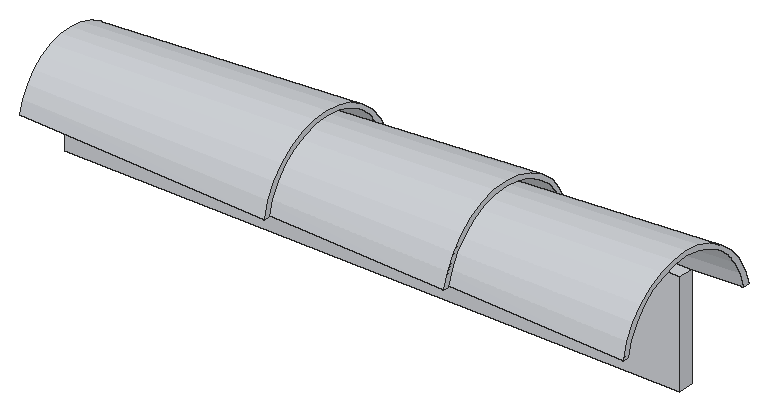
Revit family
Parameters (values of type "Type 1")
  ruitermateriaal = none
  Nokvorstmateriaal = none
  built-in parameter 1001306 [instance] = 1200 mm
  Lengte Nokvorst = 500 mm
  Hoogte Ruiter = 200 mm
  Breedte Ruiter = 30 mm
  Assembly Code = ""
  Aantal Nokvorsten [instance] = [built-in parameter 1001306] / Lengte Nokvorst + 1  # 3
Reference planes
  plane 1 "Center (Front/Back)": y = 0
  plane 2: z = 0
  plane 3 "Left": x = 0
  plane 4 "Right": x = 1200
  plane 5: z = -108.848
  plane 6: z = 91.152
  plane 7: y = 15
  plane 8: y = -15
Forms (mm)
  Extrusion 1, solid, material <- "ruitermateriaal", detail levels fine
    sketch origin (0, 0, 0) x (0, 1, 0) y (0, 0, 1)
      loop
        line (15, 91.152) -> (-15, 91.152) -> (-15, -108.848) -> (15, -108.848) -> (15, 91.152)
    from 0 to 1200
  Extrusion 2, solid, material <- "Nokvorstmateriaal", detail levels coarse
    sketch origin (0, 0, 0) x (0, 1, 0) y (0, 0, 1)
      loop
        circle (0, -38.577) r 159.728
    from 0 to 1200
Lines and regions (mm)
  reference lines
    curve 1: line (0, 0, 0) -> (1200, 0, 0)
Dimensions and locks
  "built-in parameter 1001306": plane 3 "Left" to plane 4 "Right"
  equal spacing: group 1, group 3, group 2  (x3)
  locked: plane 6 to plane 2 at 91.152
  "Hoogte Ruiter": plane 6 to plane 5
  equal spacing: plane 7, plane 1 "Center (Front/Back)", plane 8
  "Breedte Ruiter": plane 7 to plane 8
  aligned and locked: plane 4 "Right" to curve 1
  aligned and locked: plane 1 "Center (Front/Back)" to curve 1
  aligned and locked: plane 3 "Left" to curve 1
  aligned and locked: Extrusion 1 sketch curve to plane 8
  aligned and locked: plane 7 to Extrusion 1 sketch curve
  aligned and locked: Extrusion 1 sketch curve to plane 6
  aligned and locked: plane 5 to Extrusion 1 sketch curve
  aligned and locked: Extrusion 1 to plane 3 "Left"
  aligned and locked: plane 4 "Right" to Extrusion 1
  aligned and locked: Extrusion 2 to plane 3 "Left"
  aligned and locked: plane 4 "Right" to Extrusion 2
  aligned and locked: nested 2 to plane 4 "Right"
  aligned and locked: level to plane 2
Automatic sketch dimensions
  Extrusion 2 sketch curve to plane 1 "Center (Front/Back)" = 0 mm
  Extrusion 2 sketch curve to level = 38.577 mm
  radius of Extrusion 2 sketch curve = 159.728 mm
Nested families
  nested 1: "MV_27_nokvorstenkel" at (0, 0, 0), type "Type 1", detail levels medium+fine
  nested 2: "MV_27_nokvorstenkel" at (700, 0, 0), type "Type 1", detail levels medium+fine
  nested 3: "MV_27_nokvorstenkel" at (350, 0, 0), type "Type 1", detail levels medium+fine
Definition of nested family "MV_27_nokvorstenkel"
  Parameters (values of type "Type 1")
    nokvorstmateriaal = none
    Lengte = 500 mm
    Assembly Code = ""
  Reference planes
    plane 1 "Center (Front/Back)": y = 0
    plane 2: z = 0
    plane 3 "Center (Left/Right)": x = 0
    plane 4: x = 500
  Forms (mm)
    Blend 1, solid, material <- "nokvorstmateriaal"
      base sketch origin (0, 0, 0) x (0, 1, 0) y (0, 0, 1)
        loop
          line (112.5, 0) -> (122.704, 0)
          arc (122.704, 0) -> (0, 101.152) -> (-122.704, 0) r 125
          line (-122.704, 0) -> (-112.5, 0)
          arc (-112.5, 0) -> (0, 91.152) -> (112.5, 0) r 115
      top sketch origin (0, 0, 0) x (0, 1, 0) y (0, 0, 1)
        loop
          arc (152.045, 5.724) -> (-0.162, 130.122) -> (-152.368, 5.724) r 155.315
          line (-152.368, 5.724) -> (-141.952, 5.724)
          arc (-141.952, 5.724) -> (0, 121.152) -> (141.952, 5.724) r 145
          line (141.952, 5.724) -> (152.045, 5.724)
      from 0 to 500
  Dimensions and locks
    "Lengte": plane 3 "Center (Left/Right)" to plane 4
    aligned and locked: Blend 1 to plane 4
  Automatic sketch dimensions
    Blend 1 sketch curve to plane 1 "Center (Front/Back)" = 0 mm  (x2)
    plane 1 "Center (Front/Back)" to Blend 1 sketch curve = 0.162 mm
    plane 1 "Center (Front/Back)" to Blend 1 sketch curve = 141.952 mm
    level to Blend 1 sketch curve = 5.724 mm  (x2)
    Blend 1 sketch curve to Blend 1 sketch curve = 10.416 mm
    Blend 1 sketch curve to level = 23.848 mm  (x2)
    Blend 1 sketch curve to Blend 1 sketch curve = 1.345 mm
    Blend 1 sketch curve to Blend 1 sketch curve = 0 mm  (x2)
    Blend 1 sketch curve to level = 0 mm  (x2)
    plane 1 "Center (Front/Back)" to Blend 1 sketch curve = 112.5 mm
    Blend 1 sketch curve to Blend 1 sketch curve = 10.204 mm
